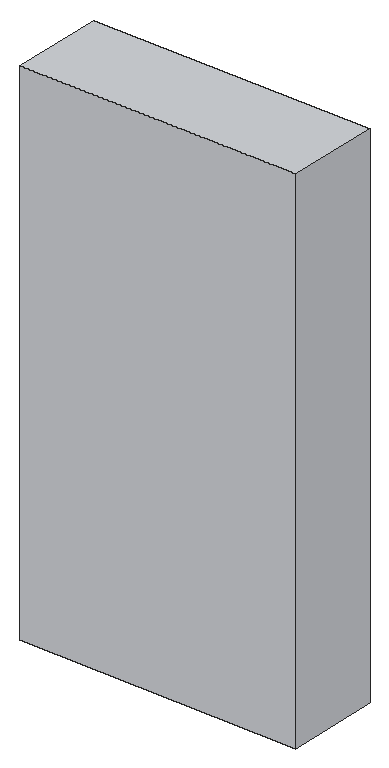
Revit family "NRG_Touch_V1700", category Notrufgeräte, Revit 2017
Family settings
  Beschriftungsausrichtung beibehalten = Nein
  Bemaßung runder Anschluss = Durchmesser verwenden
  Teiletyp = Normal
  OmniClass-Nummer = 23.85.30.24
  OmniClass-Titel = Emergency Call Systems
  Arbeitsebenenbasiert = Ja
  Immer vertikal = Ja
  Beim Laden mit Abzugskörper schneiden = Ja
  Gemeinsam genutzt = Nein
  Raumberechnungspunkt = Nein
Parameters (values of type "Abfrageplatz_NCS_Touch")
  pbr_Material_KZ = ""
  pbr_Material = none
  pbr_E_Typ = ""
  pbr_E_KZ = ""
  pbr_DINBild = 0
  pbr_Bild = 0
  pbr_3Dx_Delta_Korrekturversatz [instance] = 0 mm
  pbr_3DX_Versatzfaktor [instance] = 0
  pbr_2DY_Versatzfaktor [instance] = 0
  pbr_2DX_Versatzfaktor [instance] = 0
  lfd_STRK [instance] = 0
  cpiFitMatchKey [instance] = "E-UVT"  # constant formula
  YFrontversatz [instance] = if(pbr_2DY_Versatzfaktor = 300, 0 mm, pbr_2DY_Versatzfaktor * 300 mm)  # 0 mm
  XSeitenversatz [instance] = 0 mm
  X3Dversatz [instance] = if([3DX_Versatzkontrolle] = 0, 2000 mm, 2000 mm + ([3DX_Versatzkontrolle] * (300 mm - Breite))) + pbr_3Dx_Delta_Korrekturversatz  # 2000 mm
  Vorgabe-Ansicht = 1200 mm
  Verkleidung [instance] = "Typ1"
  Typ [instance] = ""
  Tiefe [instance] = 200 mm
  Text3 [instance] = ""
  Text2 [instance] = ""
  Text1 [instance] = ""
  Port2 [instance] = ""
  Port1 [instance] = ""
  Planungsbüro Rohling = "www.pbr.de"
  Pfeilsymbol_b = 47.044 mm
  Patchfeld [instance] = ""
  Niveau [instance] = 1200 mm
  Netzart = ""
  NCS = yes
  Menge(Dosenzahl) [instance] = 0
  Linie/Anschluss [instance] = ""
  Linie [instance] = ""
  Lastklassifizierung = none
  KT = no
  Installationsart [instance] = ""
  Installation [instance] = "Eingelassen"
  Info [instance] = ""
  Höhenwert [instance] = 0 mm
  Höhe [instance] = 1117.6 mm
  Gewerk [instance] = "SR"
  Elementname [instance] = "Schalttafel 400V"
  Durchmesser = 15 mm
  Bus [instance] = ""
  Breite [instance] = 600 mm
  Betriebsstrom ruhe [instance] = 0
  Betriebsstrom max [instance] = 0
  42Schaltkreishöhe = 1117.6 mm
  3DX_Versatzkontrolle [instance] = if(pbr_3DX_Versatzfaktor = 0, (pbr_2DX_Versatzfaktor * -1), (((-1 * pbr_3DX_Versatzfaktor) + pbr_2DX_Versatzfaktor) * -1))  # 0
  3DX_Versatzfaktor [instance] = 0
  3DX_Versatz [instance] = 0 mm
  30Schaltkreishöhe = 965.2 mm
  2DY_Versatzfaktor [instance] = 0
  2DX_Versatzfaktor [instance] = 0
  18Schaltkreishöhe = 965.2 mm
  12Schaltkreishöhe = 965.2 mm
Types (2, lengths in mm): name | NCS | KT
  Kommunikationsterminal_Touch | no | yes
  Abfrageplatz_NCS_Touch | yes | no
Reference planes
  plane 1 "Mitte (Vorne/Hinten)": y = 0
  plane 2: z = 0
  plane 3 "Mitte (Links/Rechts)": x = 0
  plane 4: y = 200
  plane 5: x = -300
  plane 6: x = 300
  plane 7 "Niveau": z = 1200
  plane 8: z = 2317.6
  plane 9: y = 100
Forms (mm)
  Extrusion 1, solid
    sketch origin (-17.916, -2.559, 0) x (1, 0, 0) y (0, 1, 0)
      loop
        line (-282.084, 2.559) -> (317.916, 2.559) -> (317.916, 202.559) -> (-282.084, 202.559) -> (-282.084, 2.559)
    from 1200 to 2317.6
Lines and regions (mm)
  model lines
    curve 1: line (-300, 200, 0) -> (300, 200, 0)
    curve 2: line (-300, 0, 0) -> (-300, 200, 0)
    curve 3: line (300, 0, 0) -> (-300, 0, 0)
    curve 4: line (300, 200, 0) -> (300, 0, 0)
Dimensions and locks
  equal spacing: plane 5, plane 3 "Mitte (Links/Rechts)", plane 6
  "Tiefe": plane 4 to plane 1 "Mitte (Vorne/Hinten)"
  "Breite": plane 5 to plane 6
  "Höhe": plane 8 to plane 7 "Niveau"
  "Niveau": plane 7 "Niveau" to level
  plane 3 "Mitte (Links/Rechts)" to Extrusion 1 = 300 mm
  equal spacing: plane 4, plane 9, plane 1 "Mitte (Vorne/Hinten)"
  aligned and locked: level to plane 2
  aligned and locked: plane 6 to Extrusion 1
  aligned and locked: plane 1 "Mitte (Vorne/Hinten)" to Extrusion 1
  aligned and locked: plane 4 to Extrusion 1
  aligned and locked: Extrusion 1 to plane 5
  aligned and locked: Extrusion 1 to plane 7 "Niveau"
  aligned and locked: plane 8 to Extrusion 1
  aligned and locked: curve 4 to plane 6
  aligned and locked: plane 5 to curve 2
  aligned and locked: curve 1 to plane 4
  aligned and locked: curve 3 to plane 1 "Mitte (Vorne/Hinten)"
Automatic sketch dimensions
  Extrusion 1 sketch curve to plane 4 = 0 mm
  Extrusion 1 sketch curve to plane 5 = 0 mm
  Extrusion 1 sketch curve to plane 6 = 0 mm
  plane 1 "Mitte (Vorne/Hinten)" to Extrusion 1 sketch curve = 0 mm
Nested families
  nested 1: "Abfrageplatz NCS Touch" at (0, 0, 0), visible <- "NCS", type "Abfrageplatz NCS Touch"
    with Winkel 90.00°
  nested 2: "Kommunikationsterminal Touch" at (0, 0, 0), visible <- "KT", type "Kommunikationsterminal Touch"
    with Winkel 90.00°
Connectors
  electrical at (0, 100, 2317.6)
    settings: on Extrusion 1, index 1, voltage 400 V, apparent load 0 VA, apparent load phase1 0 VA, apparent load phase2 0 VA, apparent load phase3 0 VA, power factor 1, load classification "Elektro", number of poles 3, system type 12, power factor state 1, is connector primary yes, connector utility no, sub classification motor no, connector description ""
  cabletrayconduit at (0, 100, 2317.6), diameter 15, driven by "Durchmesser"
    settings: on Extrusion 1, index 2, connector width 300 mm, connector height 300 mm, connector angle 0.00°, system type 32, placement type 0, profile type 0, connector reference index -1, is primary connector yes, connector utility param no, connector description ""
  cabletrayconduit at (0, 100, 1200), diameter 15, driven by "Durchmesser"
    settings: on Extrusion 1, index 3, connector width 300 mm, connector height 300 mm, connector angle 0.00°, system type 32, placement type 0, profile type 0, connector reference index -1, is primary connector no, connector utility param no, connector description ""
Definition of nested family "Abfrageplatz NCS Touch"
  Parameters (values of type "Abfrageplatz NCS Touch")
    Winkel [instance] = 90.00°
    S = yes
    N = yes
    C = yes
  Reference planes
    plane 1 "Mitte (Vorne/Hinten)": y = 0
    plane 2: z = 0
    plane 3 "Mitte (Links/Rechts)": x = 0
  Lines and regions (mm)
    Filled region 1, type "Beton", in view "Referenzebene", visible <- "C"
      outline origin (1687.186, -893.394, 0) x (1, 0, 0) y (0, 1, 0)
        loop
          line (-1632.541, 1066.003) -> (-1609.43, 1071.459)
          spline (-1609.43, 1071.459) -> (-1630.094, 1105.773) -> (-1663.175, 1121.635) -> (-1700.54, 1120.717) -> (-1733.94, 1104.589) -> (-1755.565, 1074.608) -> (-1763.129, 1037.247) -> (-1759.224, 1001.05) -> (-1743.238, 966.81) -> (-1713.775, 945.074) -> (-1676.305, 939.672) -> (-1640.754, 949.467) -> (-1610.969, 984.402)
          line (-1610.969, 984.402) -> (-1607.772, 993.835) -> (-1606.404, 998.941) -> (-1629.82, 1004.779)
          spline (-1629.82, 1004.779) -> (-1643.155, 976.129) -> (-1666.31, 961.685) -> (-1694.261, 961.002) -> (-1719.707, 973.887) -> (-1733.717, 996.771) -> (-1738.912, 1025.446) -> (-1737.272, 1052.478) -> (-1727.173, 1080.049) -> (-1706.265, 1097.881) -> (-1679.363, 1103.112) -> (-1651.556, 1095.094) -> (-1633.505, 1069.108)
          line (-1633.505, 1069.108) -> (-1632.541, 1066.003)
    Filled region 2, type "Beton", in view "Referenzebene", visible <- "N"
      outline origin (-207.715, -897.09, 0) x (1, 0, 0) y (0, 1, 0)
        loop
          line (-31.527, 942.626) -> (-8.588, 942.626) -> (-8.588, 1081.276) -> (84.291, 942.626) -> (108.208, 942.626) -> (108.208, 1120.011) -> (85.777, 1120.011) -> (85.777, 980.934) -> (-7.388, 1120.011) -> (-31.527, 1120.011) -> (-31.527, 942.626)
    Filled region 3, type "Beton", in view "Referenzebene", visible <- "S"
      outline origin (-762.951, -892.573, 0) x (1, 0, 0) y (0, 1, 0)
        loop
          line (972.221, 1068.432) -> (994.477, 1070.112)
          spline (994.477, 1070.112) -> (976.447, 1108.505) -> (941.781, 1121.93) -> (902.906, 1118.692) -> (872.929, 1097.425) -> (869.039, 1060.307) -> (893.468, 1034.642) -> (932.469, 1022.864) -> (967.765, 1009.97) -> (973.053, 976.363) -> (939.711, 960.929) -> (902.2, 967.846) -> (880.988, 1001.585)
          line (880.988, 1001.585) -> (858.749, 999.639)
          spline (858.749, 999.639) -> (876.287, 958.742) -> (909.654, 941.932) -> (949.009, 940.548) -> (983.234, 955.778) -> (999.995, 989.715) -> (987.173, 1024.325) -> (953.826, 1041.372) -> (913.402, 1051.853) -> (888.267, 1074.109) -> (911.07, 1100.593) -> (949.686, 1099.437) -> (972.221, 1068.432)
    detail lines, in view "Referenzebene"
      curve 1: line (248.934, 0, 0) -> (248.934, 270, 0)
      curve 2: line (248.934, 270, 0) -> (-256.066, 270, 0)
      curve 3: line (-256.066, 270, 0) -> (-256.066, 0, 0)
      curve 4: line (-256.066, 0, 0) -> (248.934, 0, 0)
Definition of nested family "Kommunikationsterminal Touch"
  Parameters (values of type "Kommunikationsterminal Touch")
    Winkel [instance] = 90.00°
    T = yes
    K = yes
    Geräteanschluss = yes
  Reference planes
    plane 1 "Mitte (Vorne/Hinten)": y = 0
    plane 2: z = 0
    plane 3 "Mitte (Links/Rechts)": x = 0
    plane 4: x = 0
    plane 5: y = 0
  Lines and regions (mm)
    Filled region 1, type "Beton", in view "Referenzebene", visible <- "K"
      outline origin (405.759, -901.712, 0) x (1, 0, 0) y (0, 1, 0)
        loop
          line (-535.192, 1120.011) -> (-535.192, 942.626) -> (-511.961, 942.626) -> (-511.961, 1003.134) -> (-482.683, 1032.413) -> (-419.813, 942.626) -> (-388.718, 942.626) -> (-466.36, 1048.175) -> (-391.972, 1120.011) -> (-424.175, 1120.011) -> (-511.961, 1032.225) -> (-511.961, 1120.011) -> (-535.192, 1120.011)
    Filled region 2, type "Beton", in view "Referenzebene", visible <- "T"
      outline origin (-1026.578, -901.987, 0) x (1, 0, 0) y (0, 1, 0)
        loop
          line (1098.534, 942.626) -> (1098.534, 1099.344) -> (1156.517, 1099.344) -> (1156.517, 1120.011) -> (1016.517, 1120.011) -> (1016.517, 1099.344) -> (1075.113, 1099.344) -> (1075.113, 942.626) -> (1098.534, 942.626)
    detail lines, in view "Referenzebene", visible <- "Geräteanschluss"
      curve 1: line (-132, 264, 0) -> (132, 264, 0)
      curve 2: line (-132, 0, 0) -> (-132, 264, 0)
      curve 3: line (132, 0, 0) -> (-132, 0, 0)
      curve 4: line (132, 264, 0) -> (132, 0, 0)
